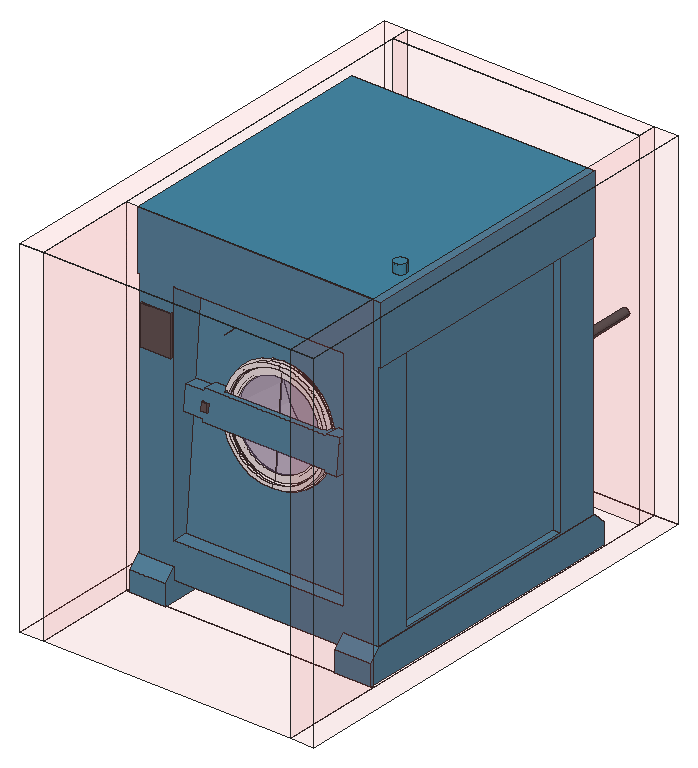
Revit family "Washer_Milnor_42026-X7", category Mechanical Equipment, Revit 2026
Family settings
  Round Connector Dimension = Use Diameter
  Part Type = Normal
  Classification Number = 23.45.70.11.14.11
  Work Plane-Based = Yes
  Always vertical = No
  Cut with Voids When Loaded = No
  Maintain Annotation Orientation = No
  Shared = No
  Room Calculation Point = No
Parameters
  doorgas = Door Opening + 0' 2 1/2"  # 2' - 4 1/2"
  Warranty Duration (Years) = 0
  Voltage_MEP = 0 V
  Vibration Frequency = 0
  Unit Width = 5' - 2 29/32"
  Unit Weight = 0
  Unit Height = 7' - 4 3/4"
  Unit Depth = 7' - 0 15/32"
  URL = "http://www.milnor.com/"
  Specification = ""
  SpecWizard = ""
  Send Message = "http://www.arcat.com/users.pl?action=UserEmail&company=Pellerin+Milnor+Corp.&coid=34740&rep=108&fax=504-468-3094&mf="
  Sales Information = "http://www.milnor.com/contact_us.aspx"
  Revision = "R1_04-2011"
  Product Properties = ""
  Product Data = "http://www.arcat.com/arcatcos/cos34/arc34740.html"
  Phase = 0
  Number of Poles = 1
  Model = "As Specified"
  Manufacturer Website = "http://www.milnor.com/"
  Manufacturer Phone - Toll Free = "800-469-8780"
  Manufacturer Phone = "504-467-9591"
  Manufacturer Fax = "504-468-3094"
  Manufacturer Address = "700 Jackson St.   Kenner, LA 70062"
  Manufacturer = "Pellerin Milnor Corp"
  Maintenance Schedule (Months) = 0
  MEP Amperage = 0 A
  Keynote = "11110"
  Interior Finish [instance] = Metal - Stainless Steel - Milnor - as Specified
  Installation-Fabrication = ""
  Installation Phase = ""
  Green Building-LEED = ""
  Frequency = 0 Hz
  Expected Lifespan (Years) = 0
  Dynamic Load = 0.00 kip
  Drawn By = "Sumex Design, Inc. / Robert S. Weygant, CSI, CDT, SCIP"
  Door Opening = 2' - 2"
  Door Opening Depth = 2' - 5 9/32"
  Door Glazing [instance] = Glazing - Milnor - as Specified
  Door Finish [instance] = Metal - Stainless Steel - Milnor - Powder Coat as Specified
  Clearance Visible [instance] = yes
  Cabinet Front Doodads [instance] = Paint - Milnor - Black
  Description = ""
  Default Elevation = 4' - 0"
  Cylinder Volume = 0.00 CF
  Cylinder Diameter = 3' - 6"
  Cylinder Depth = 2' - 2"
  Door Base from FF = 2' - 7 215/256"
  Copyright = "©Arcat Inc."
  Construction Details = ""
  Capacity = ""
  Cabinet Finish [instance] = Paint - Milnor - Blue
  Assembly Code = "E1010610"
Reference planes (in)
  plane 1 "Center (Front/Back)": y = 0
  plane 2 "Bottom": z = 0
  plane 3 "Center (Left/Right)": x = 0
  plane 4 "Front": y = -42.23438
  plane 5 "Back": y = 42.23437
  plane 6 "Left": x = -31.45312
  plane 7 "Right": x = 31.45313
  plane 8 "Top": z = 88.75
  plane 9: y = -68.76563
  plane 10 "Y": y = -39.48438
  plane 11: z = 45
  plane 12: y = 31.76562
  plane 13: x = -30.75
Forms (in)
  Extrusion 1, solid, material "Paint - Milnor - Blue" <- "Cabinet Finish"
    sketch origin (0, -5.07467, 0) x (0, 1, 0) y (0, 0, 1)
      loop
        line (-37.15971, 0) -> (36.84029, 0) -> (36.84029, 5.17157) -> (34.01187, 8) -> (-34.33128, 8) -> (-37.15971, 5.17157) -> (-37.15971, 0)
    from 21.5625 to 30.75
  Extrusion 2, solid, material "Paint - Milnor - Blue" <- "Cabinet Finish"
    sketch origin (0, -5.07467, 0) x (0, 1, 0) y (0, 0, -1)
      loop
        line (-37.15971, 0) -> (-37.15971, -5.17157) -> (-34.33128, -8) -> (34.01187, -8) -> (36.84029, -5.17157) -> (36.84029, 0) -> (-37.15971, 0)
    from 21.5625 to 30.75
  Extrusion 3, solid, material "Paint - Milnor - Blue" <- "Cabinet Finish"
    sketch origin (0, -5.07467, 0) x (1, 0, 0) y (0, 0, 1)
      loop
        line (-30.95313, 86.49195) -> (-30.95313, 71.62475) -> (-30.38728, 71.62475) -> (-30.38728, 4.75) -> (30.41865, 4.75) -> (30.41865, 71.62475) -> (30.95312, 71.62475) -> (30.95312, 86.49195) -> (-30.95313, 86.49195)
      loop
        line (-21.72873, 71.62475) -> (-21.72873, 13.75) -> (21.52127, 13.75) -> (21.52127, 71.62475) -> (-21.72873, 71.62475)
    from -33.80904 to 34.4375
  Extrusion 4, solid, material "Paint - Milnor - Blue" <- "Cabinet Finish"
    sketch origin (0, -5.07467, 0) x (0, 1, 0) y (0, 0, 1)
      loop
        line (-31.06823, 6.82843) -> (33.70566, 6.82843) -> (33.70566, 15.82843) -> (30.76268, 15.82843) -> (30.76268, 71.62475) -> (-25.39929, 71.62475) -> (-31.06823, 6.82843)
    from -21.72873 to 21.52127
  Extrusion 5, void
    sketch origin (30.41865, -5.07467, 54.60752) x (0, 0, 1) y (0, 1, 0)
      loop
        line (16.63443, -25.6875) -> (16.63443, 23.66792) -> (-46.375, 23.66792) -> (-46.375, -25.6875) -> (16.63443, -25.6875)
    from 2 to 0
  Extrusion 6, void
    sketch origin (-30.38728, -5.07467, 54.60752) x (0, 0, 1) y (0, -1, 0)
      loop
        line (16.63443, 25.6875) -> (-46.375, 25.6875) -> (-46.375, -23.66792) -> (16.63443, -23.66792) -> (16.63443, 25.6875)
    from 2 to 0
  Extrusion 7, solid, material "Metal - Stainless Steel - Milnor - Powder Coat as Specified" <- "Door Finish"
    sketch origin (0, -36.07369, 7.61948) x (0, 0.087156, 0.996195) y (-1, 0, 0)
      loop
        circle (37.42799, 0) r 14
    from 0 to 0.25
  Revolve 8, void
    sketch origin (0, -6.82467, 0.0625) x (0, 1, 0) y (0, 0, 1)
      loop
        line (-28.33485, 45.25517) -> (0.67924, 42.71677) -> (2.50951, 63.63686) -> (-23.39155, 65.90291) -> (-24.0888, 57.93335) -> (-27.20183, 58.2057) -> (-28.33485, 45.25517)
      axis (-28.33485, 45.25517) -> (0.67924, 42.71677)
    angle from 0 to 360
  Extrusion 9, solid, material "Paint - Milnor - Black" <- "Cabinet Front Doodads"
    sketch origin (0, -39.51217, 0) x (1, 0, 0) y (0, 0, 1)
      loop
        line (-29.75, 65.37475) -> (-29.75, 55.20166) -> (-22.25, 55.20166) -> (-22.25, 65.37475) -> (-29.75, 65.37475)
    from 0 to 0.33794
  Extrusion 10, solid, material "Paint - Milnor - Blue" <- "Cabinet Finish"
    sketch origin (0, -5.07467, 0) x (1, 0, 0) y (0, 1, 0)
      loop
        circle (26, -21.90971) r 1.5
    from 86.49195 to 88.75
  Revolve 11, solid, material "Metal - Stainless Steel - Milnor - Powder Coat as Specified" <- "Door Finish"
    sketch origin (0, -5.07467, 0.75) x (0, 1, 0) y (0, 0, 1)
      loop
        line (-26.81448, 56.40807) -> (-27.27243, 56.44813) -> (-27.42495, 54.70479) -> (-26.967, 54.66473) -> (-26.81448, 56.40807)
      axis (-28.34329, 44.20809) -> (-27.88535, 44.16803)
    angle from 0 to 360
  Revolve 12, solid, material "Glazing - Milnor - as Specified" <- "Door Glazing"
    sketch origin (0, -5.07467, 0) x (0, 1, 0) y (0, 0, 1)
      loop
        line (-27.88535, 44.91803) -> (-26.91959, 55.95664) -> (-27.20928, 55.98198) -> (-28.17503, 44.94337) -> (-27.88535, 44.91803)
      axis (-28.17503, 44.94337) -> (-27.88535, 44.91803)
    angle from 0 to 360
  Extrusion 13, solid, material "Paint - Milnor - Black"
    sketch origin (0, -5.07467, 0) x (1, 0, 0) y (0, 0, 1)
      loop
        circle (27.875, 47.25) r 0.375
      loop
        circle (27.875, 40.25) r 0.625
      loop
        circle (27.875, 33.25) r 0.625
      loop
        circle (27.875, 26.25) r 0.625
      loop
        circle (27.875, 19.25) r 0.375
    from -35.7804 to -24.95881
  Extrusion 14, solid, material "Paint - Milnor - Black"
    sketch origin (0, -5.07467, 0) x (1, 0, 0) y (0, 0, 1)
      loop
        circle (-7.4375, 10.0625) r 1.5
    from -29.99351 to -23.49152
  Extrusion 15, solid, material "Paint - Milnor - Black"
    sketch origin (0, -5.07467, 0) x (1, 0, 0) y (0, 0, 1)
      loop
        circle (27.875, 47.25) r 1
    from -47.30904 to -35.7804
  Extrusion 16, solid, material "Paint - Milnor - Black"
    sketch origin (0, -5.07467, 0) x (1, 0, 0) y (0, 0, 1)
      loop
        circle (-25.40625, 60.71875) r 0.25
    from -33.70566 to -32.80904
  Revolve 17, solid, material "Metal - Stainless Steel - Milnor - Powder Coat as Specified" <- "Door Finish"
    sketch origin (0, -3.01563, 0) x (0, 1, 0) y (0, 0, 1)
      loop
        line (-29.60147, 57.47271) -> (-29.44076, 57.2077) -> (-28.72514, 57.14509) -> (-28.61619, 58.39033) -> (-30.11048, 58.52106) -> (-30.19764, 57.52487) -> (-29.60147, 57.47271)
      axis (-31.29029, 45.03578) -> (-29.796, 44.90505)
    angle from 0 to 360
  Extrusion 18, solid, material "Paint - Milnor - Blue" <- "Cabinet Finish"
    sketch origin (0, -35.44181, 14.84189) x (0, 0.087156, 0.996195) y (-1, 0, 0)
      loop
        line (33.9585, 16.43187) -> (33.2085, 16.43187) -> (33.2085, 21.25) -> (27.2085, 21.25) -> (27.2085, 16.43187) -> (26.4585, 16.43187) -> (26.4585, -14.65528) -> (25.9585, -14.65528) -> (25.9585, -17.83493) -> (34.4585, -17.83493) -> (34.4585, -14.65528) -> (33.9585, -14.65528) -> (33.9585, 16.43187)
    from 0 to 3.72832
  Extrusion 19, solid, material "Paint - Milnor - Black" <- "Cabinet Front Doodads"
    sketch origin (0, -39.15594, 15.16684) x (0, 0.087156, 0.996195) y (-1, 0, 0)
      loop
        line (30.91177, 16.76902) -> (28.91177, 16.76902) -> (28.91177, 15.26902) -> (30.91177, 15.26902) -> (30.91177, 16.76902)
    from 0 to 0.4192
  Extrusion 20, solid, material "Paint - Milnor - Black" <- "Cabinet Front Doodads"
    sketch origin (-5.38728, 4.48437, 4.5) x (0, 1, 0) y (0, 0, 1)
      loop
        line (0.21875, 54.375) -> (0.21875, 50.375) -> (6.21875, 50.375) -> (6.21875, 54.375) -> (0.21875, 54.375)
    from -23.52486 to -24.33761
  Extrusion 21, solid, material "Paint - Milnor - Black" <- "Cabinet Front Doodads"
    sketch origin (-5.38728, 4.48437, 4.5) x (0, 1, 0) y (0, 0, 1)
      loop
        line (-0.51951, 55.39827) -> (-0.51951, 46.64827) -> (6.98049, 46.64827) -> (6.98049, 55.39827) -> (-0.51951, 55.39827)
    from -23 to -23.52486
  Extrusion 22, solid, material "ARCAT Clearance", visible <- "Clearance Visible"
    sketch origin (-18.45313, -32.57812, 0) x (1, 0, 0) y (0, 1, 0)
      loop
        line (-13, -9.65625) -> (-13, -36.1875) -> (49.90625, -36.1875) -> (49.90625, -9.65625) -> (-13, -9.65625)
    from 0 to 88.75
  Extrusion 23, solid, material "ARCAT Clearance", visible <- "Clearance Visible"
    sketch origin (-18.90625, 78.65625, 0) x (1, 0, 0) y (0, 1, 0)
      loop
        line (-12.54687, -31.42188) -> (-12.54687, -36.42188) -> (50.35938, -36.42188) -> (50.35938, -31.42188) -> (-12.54687, -31.42188)
    from 0 to 88.75
  Extrusion 24, solid, material "ARCAT Clearance", visible <- "Clearance Visible"
    sketch origin (24.45312, -32.34375, 0) x (1, 0, 0) y (0, 1, 0)
      loop
        line (7, 79.57812) -> (7, -36.42188) -> (13, -36.42188) -> (13, 79.57812) -> (7, 79.57812)
    from 0 to 88.75
  Extrusion 25, solid, material "ARCAT Clearance", visible <- "Clearance Visible"
    sketch origin (-44.45313, -32.34375, 0) x (1, 0, 0) y (0, 1, 0)
      loop
        line (7, 79.57812) -> (7, -36.42188) -> (13, -36.42188) -> (13, 79.57812) -> (7, 79.57812)
    from 0 to 88.75
Cuts and joins
  Extrusion 5, Extrusion 6 cuts Extrusion 3
  Revolve 8 cuts Extrusion 4
  joined: Extrusion 1, Extrusion 2, Extrusion 3, Extrusion 4
  Revolve 8 cuts Extrusion 18
  Revolve 8 cuts Extrusion 7
Lines and regions (in)
  symbolic lines, style "MechanicalEquipmentHiddenLines"
    curve 1: line (14.20313, -68.76563, 0) -> (14.20313, -34.62821, 0)
    curve 2: line (-20.45312, 28.11587, 0) -> (-20.45312, 47.23437, 0)
    curve 3: line (20.79063, 28.11587, 0) -> (20.79063, 47.23437, 0)
    curve 4: line (-20.45312, 47.23437, 0) -> (20.79063, 47.23437, 0)
    curve 5: arc (14.20313, -68.76563, 0) -> (-9.44265, -58.97122, 0) -> (-19.23705, -35.32545, 0) r 33.44017
    curve 6: spline (0, -48.99448, 31.5505) -> (0, -52.49806, 32.01) -> (0, -55.76288, 33.35718) -> (0, -58.56644, 35.50025) -> (0, -60.71769, 38.29314) -> (0, -62.07002, 41.54553) -> (0, -62.53127, 45.03578) -> (0, -62.07002, 48.52603) -> (0, -60.71769, 51.77842) -> (0, -58.56644, 54.57132) -> (0, -55.76288, 56.71438) -> (0, -52.49806, 58.06156) -> (0, -48.99448, 58.52106)
    curve 7: spline (0, -48.99448, 58.52106) -> (0, -45.4909, 58.06156) -> (0, -42.22608, 56.71438) -> (0, -39.42252, 54.57132) -> (0, -37.27127, 51.77842) -> (0, -35.91894, 48.52603) -> (0, -35.45769, 45.03578) -> (0, -35.91894, 41.54553) -> (0, -37.27127, 38.29314) -> (0, -39.42252, 35.50025) -> (0, -42.22608, 33.35718) -> (0, -45.4909, 32.01) -> (0, -48.99448, 31.5505)
    curve 8: line (0, -34.0501, 49.34271) -> (0, -67.96728, 51.71443)
    curve 9: line (0, -34.59395, 40.81529) -> (0, -68.56332, 43.19066)
    curve 10: line (0, -67.96728, 51.71443) -> (0, -68.56332, 43.19066)
    curve 11: line (0, 28.63099, 76.75) -> (0, 45.65033, 82.61023)
    curve 12: arc (0, 45.65033, 82.61023) -> (0, 43.80993, 65.78729) -> (0, 28.63099, 58.3041) r 17.5884
Dimensions and locks (in)
  "Unit Width": plane 6 "Left" to plane 7 "Right"
  "Unit Depth": plane 5 "Back" to plane 4 "Front"
  "Unit Height": plane 8 "Top" to level
  "Door Opening Depth": plane 10 "Y" to plane 9
  locked: plane 4 "Front" to plane 10 "Y" at 2.75
  Revolve 8 sketch curve to Revolve 8 sketch curve = 1' - 9"
  Extrusion 10 sketch curve to plane 10 "Y" = 1' - 0 1/2"
  plane 3 "Center (Left/Right)" to Extrusion 14 sketch curve = 0' - 7 7/16"
  Extrusion 14 sketch curve to level = 0' - 10 1/16"
  Extrusion 16 sketch curve to level = 5' - 0 23/32"
  plane 3 "Center (Left/Right)" to Extrusion 16 sketch curve = 2' - 1 13/32"
  Extrusion 13 sketch curve to level = 2' - 9 1/4"
  Extrusion 13 sketch curve to level = 3' - 4 1/4"
  Extrusion 13 sketch curve to level = 3' - 11 1/4"
  Extrusion 15 sketch curve to plane 3 "Center (Left/Right)" = 2' - 3 7/8"
Automatic sketch dimensions
  curve 1 to plane 9 = 0' - 0"
  plane 5 "Back" to curve 4 = 0' - 5"
  curve 4 to plane 13 = 0' - 10 19/64"
  plane 10 "Y" to curve 5 = 0' - 4.15892"
  curve 5 to plane 13 = 0' - 11.51295"
  plane 12 to curve 3 = 0' - 3.64976"
  curve 3 to plane 7 "Right" = 0' - 10.6625"
  curve 5 to curve 1 = 0' - 0.69725"
  plane 12 to curve 2 = 0' - 3.64976"
  plane 9 to curve 10 = 0' - 0.20231"
  plane 9 to curve 10 = 0' - 0.79835"
  curve 6 to plane 4 "Front" = 0' - 6.76011"
  plane 11 to curve 6 = 0' - 0.03578"
  plane 10 "Y" to curve 6 = 0' - 4.02669"
  curve 7 to curve 6 = 0' - 0"
  curve 6 to curve 9 = 0' - 0.86374"
  curve 6 to curve 8 = 0' - 1.40759"
  plane 12 to curve 11 = 0' - 3.13463"
  plane 12 to curve 12 = 0' - 3.13463"
  curve 11 to curve 12 = 0' - 0.77136"
  plane 5 "Back" to curve 12 = 0' - 3.41595"
  curve 9 to plane 11 = 0' - 1.80934"
  curve 9 to curve 6 = 0' - 4.22049"
  curve 6 to plane 11 = 1' - 1.4495"
  plane 11 to curve 12 = 1' - 1.3041"
  curve 12 to plane 8 "Top" = 1' - 0.87442"
  curve 12 to curve 11 = 0' - 0.87442"
  Extrusion 1 sketch curve to plane 4 "Front" = 0' - 0"
  Extrusion 1 sketch curve to plane 12 = 0' - 0"
  Extrusion 1 sketch curve to level = 0' - 0"
  plane 10 "Y" to Extrusion 1 sketch curve = 0' - 0.07843"
  plane 12 to Extrusion 1 sketch curve = 0' - 2.82843"
  level to Extrusion 1 sketch curve = 0' - 5.17157"  (x2)
  Extrusion 1 sketch curve to Extrusion 1 sketch curve = 0' - 2.82843"
  Extrusion 2 sketch curve to plane 4 "Front" = 0' - 0"
  Extrusion 2 sketch curve to plane 12 = 0' - 0"
  Extrusion 2 sketch curve to level = 0' - 0"
  plane 10 "Y" to Extrusion 2 sketch curve = 0' - 0.07843"
  plane 12 to Extrusion 2 sketch curve = 0' - 2.82843"
  Extrusion 2 sketch curve to Extrusion 2 sketch curve = 0' - 5.17157"
  level to Extrusion 2 sketch curve = 0' - 5.17157"
  Extrusion 2 sketch curve to Extrusion 2 sketch curve = 0' - 2.82843"
  plane 13 to Extrusion 3 sketch curve = 0' - 0 13/64"
  Extrusion 3 sketch curve to plane 13 = 0' - 0.36272"
  Extrusion 3 sketch curve to Extrusion 3 sketch curve = 0' - 8.65855"
  Extrusion 3 sketch curve to plane 7 "Right" = 0' - 9.93185"
  Extrusion 3 sketch curve to plane 7 "Right" = 0' - 1.03447"
  Extrusion 3 sketch curve to plane 7 "Right" = 0' - 0 1/2"
  level to Extrusion 3 sketch curve = 0' - 4 3/4"
  Extrusion 3 sketch curve to Extrusion 3 sketch curve = 0' - 9"
  Extrusion 3 sketch curve to plane 8 "Top" = 1' - 5.12525"  (x2)
  Extrusion 3 sketch curve to Extrusion 3 sketch curve = 0' - 0"
  Extrusion 3 sketch curve to plane 8 "Top" = 0' - 2.25805"
  plane 10 "Y" to Extrusion 4 sketch curve = 0' - 3.34148"
  plane 10 "Y" to Extrusion 4 sketch curve = 0' - 9.01042"
  plane 12 to Extrusion 4 sketch curve = 0' - 6.07762"
  plane 12 to Extrusion 4 sketch curve = 0' - 3.13463"
  level to Extrusion 4 sketch curve = 0' - 6.82843"
  Extrusion 4 sketch curve to Extrusion 4 sketch curve = 0' - 9"
  Extrusion 4 sketch curve to plane 8 "Top" = 1' - 5.12525"
  Extrusion 5 sketch curve to Extrusion 3 = 0' - 3.48252"
  Extrusion 3 to Extrusion 5 sketch curve = 0' - 0 49/128"
  Extrusion 5 sketch curve to Extrusion 3 = 0' - 8 3/4"
  Extrusion 5 sketch curve to Extrusion 3 = 0' - 10.14113"
  Extrusion 3 to Extrusion 6 sketch curve = 0' - 3.48252"
  Extrusion 6 sketch curve to Extrusion 3 = 0' - 0 49/128"
  Extrusion 6 sketch curve to Extrusion 3 = 0' - 10.14113"
  Extrusion 6 sketch curve to Extrusion 3 = 0' - 8 3/4"
  Extrusion 7 sketch curve to Extrusion 4 = 2' - 2.82177"
  Extrusion 4 to Extrusion 7 sketch curve = 1' - 9.52127"
  plane 11 to Revolve 8 sketch curve = 0' - 0.31767"
  plane 10 "Y" to Revolve 8 sketch curve = 0' - 4.32485"
  plane 10 "Y" to Revolve 8 sketch curve = 0' - 5.45788"
  plane 11 to Revolve 8 sketch curve = 0' - 0.11068"
  Revolve 8 sketch curve to Revolve 8 sketch curve = 0' - 2.36589"
  Revolve 8 sketch curve to Revolve 8 sketch curve = 0' - 3.11303"
  level to Revolve 8 sketch curve = 5' - 5.96541"
  Revolve 8 sketch curve to plane 11 = 0' - 1.8939"
  plane 1 "Center (Front/Back)" to Revolve 8 sketch curve = 0' - 9.88116"
  Revolve 8 sketch curve to plane 11 = 0' - 2.22073"
  Extrusion 9 sketch curve to Extrusion 3 = 0' - 0.63728"
  Extrusion 9 sketch curve to Extrusion 3 = 0' - 0.52127"
  Extrusion 3 to Extrusion 9 sketch curve = 1' - 4.42309"
  Extrusion 3 to Extrusion 9 sketch curve = 0' - 6 1/4"
  Extrusion 10 sketch curve to plane 7 "Right" = 0' - 5 29/64"
  plane 10 "Y" to Revolve 11 sketch curve = 0' - 6.98476"
  Revolve 11 sketch curve to Revolve 11 sketch curve = 0' - 0.15252"
  Revolve 11 sketch curve to Revolve 11 sketch curve = 0' - 0.45795"
  Revolve 11 sketch curve to plane 11 = 0' - 0.20032"
  plane 10 "Y" to Revolve 11 sketch curve = 0' - 7.87708"
  Revolve 11 sketch curve to plane 11 = 0' - 1.05009"
  Revolve 11 sketch curve to Revolve 11 sketch curve = 0' - 9.7129"
  plane 11 to Revolve 11 sketch curve = 0' - 10.41473"
  Revolve 11 sketch curve to Revolve 11 sketch curve = 0' - 0.04007"
  Revolve 12 sketch curve to plane 11 = 0' - 0.05663"
  plane 10 "Y" to Revolve 12 sketch curve = 0' - 6.23468"
  Revolve 12 sketch curve to plane 11 = 0' - 0.08197"
  Revolve 12 sketch curve to Revolve 12 sketch curve = 0' - 0.28968"
  Revolve 12 sketch curve to plane 11 = 0' - 0.11724"
  Revolve 12 sketch curve to Revolve 12 sketch curve = 0' - 0.40312"
  plane 10 "Y" to Revolve 12 sketch curve = 0' - 7.20043"
  Revolve 12 sketch curve to plane 11 = 0' - 0.74912"
  Revolve 12 sketch curve to Revolve 12 sketch curve = 0' - 7.22241"
  Extrusion 13 sketch curve to plane 7 "Right" = 0' - 3 37/64"  (x5)
  Extrusion 13 sketch curve to Extrusion 13 sketch curve = 0' - 7"  (x2)
  plane 11 to Extrusion 15 sketch curve = 0' - 2 1/4"
  plane 11 to Revolve 17 sketch curve = 0' - 0.03578"
  plane 10 "Y" to Revolve 17 sketch curve = 0' - 5.17846"
  plane 10 "Y" to Revolve 17 sketch curve = 0' - 6.27111"
  Revolve 17 sketch curve to Revolve 17 sketch curve = 0' - 0.08716"
  Revolve 17 sketch curve to Revolve 17 sketch curve = 0' - 0.59617"
  Revolve 17 sketch curve to Revolve 17 sketch curve = 0' - 0.16071"
  Revolve 17 sketch curve to Revolve 17 sketch curve = 0' - 0.71562"
  Revolve 17 sketch curve to Revolve 17 sketch curve = 0' - 0.10894"
  Revolve 17 sketch curve to plane 11 = 0' - 1.07545"
  Revolve 17 sketch curve to Revolve 17 sketch curve = 1' - 0.70148"
  plane 11 to Revolve 17 sketch curve = 1' - 0.14509"
  Revolve 17 sketch curve to Revolve 17 sketch curve = 0' - 0.06261"
  Extrusion 4 to Extrusion 18 sketch curve = 0' - 3.68635"
  Extrusion 18 sketch curve to Extrusion 4 = 2' - 7.04126"
  Extrusion 18 sketch curve to Extrusion 18 sketch curve = 0' - 0 1/2"  (x2)
  Extrusion 18 sketch curve to Extrusion 18 sketch curve = 0' - 0 3/4"  (x2)
  Extrusion 4 to Extrusion 18 sketch curve = 0' - 0.47873"
  Extrusion 18 sketch curve to Extrusion 18 sketch curve = 0' - 6"
  Extrusion 18 sketch curve to Extrusion 18 sketch curve = 0' - 3.17964"  (x2)
  Extrusion 18 sketch curve to Extrusion 18 sketch curve = 0' - 4.81813"  (x2)
  Extrusion 18 to Extrusion 19 sketch curve = 0' - 0.33715"
  Extrusion 19 sketch curve to Extrusion 18 = 0' - 1.70327"
  Extrusion 19 sketch curve to Extrusion 19 sketch curve = 0' - 2"
  Extrusion 19 sketch curve to Extrusion 18 = 0' - 1.16285"
  Extrusion 20 sketch curve to plane 1 "Center (Front/Back)" = 0' - 4 45/64"
  Extrusion 20 sketch curve to Extrusion 20 sketch curve = 0' - 6"
  plane 11 to Extrusion 20 sketch curve = 0' - 9 7/8"
  Extrusion 20 sketch curve to Extrusion 20 sketch curve = 0' - 4"
  Extrusion 21 sketch curve to plane 1 "Center (Front/Back)" = 0' - 3 247/256"
  Extrusion 21 sketch curve to Extrusion 21 sketch curve = 0' - 7 1/2"
  plane 11 to Extrusion 21 sketch curve = 0' - 6.14827"
  Extrusion 21 sketch curve to Extrusion 21 sketch curve = 0' - 8 3/4"
  Extrusion 22 sketch curve to plane 6 "Left" = 0' - 0"
  Extrusion 22 sketch curve to plane 7 "Right" = 0' - 0"
  Extrusion 22 sketch curve to plane 9 = 0' - 0"
  Extrusion 22 sketch curve to plane 4 "Front" = 0' - 0"
  Extrusion 23 sketch curve to plane 5 "Back" = 0' - 0"
  Extrusion 23 sketch curve to plane 6 "Left" = 0' - 0"
  Extrusion 23 sketch curve to plane 7 "Right" = 0' - 0"
  plane 5 "Back" to Extrusion 23 sketch curve = 0' - 5"
  Extrusion 24 sketch curve to plane 7 "Right" = 0' - 0"
  plane 9 to Extrusion 24 sketch curve = 0' - 0"
  Extrusion 24 sketch curve to Extrusion 24 sketch curve = 0' - 6"
  plane 5 "Back" to Extrusion 24 sketch curve = 0' - 5"
  Extrusion 25 sketch curve to plane 9 = 0' - 0"
  Extrusion 25 sketch curve to plane 6 "Left" = 0' - 0"
  Extrusion 25 sketch curve to Extrusion 25 sketch curve = 0' - 6"
  plane 5 "Back" to Extrusion 25 sketch curve = 0' - 5"
  radius of Extrusion 7 sketch curve = 1' - 2"
  radius of Extrusion 10 sketch curve = 0' - 1 1/2"
  radius of Extrusion 13 sketch curve = 0' - 0 3/8"  (x2)
  radius of Extrusion 13 sketch curve = 0' - 0 5/8"  (x3)
  radius of Extrusion 14 sketch curve = 0' - 1 1/2"
  radius of Extrusion 15 sketch curve = 0' - 1"
  radius of Extrusion 16 sketch curve = 0' - 0 1/4"
Connectors (in)
  piping at (-7.4375, 24.91884, 10.0625), diameter 3
    settings: on Extrusion 14, index 10, connector inside diameter 3", connector length 0' - 0", flow factor 0, pipe flow 0 GPM, pressure drop 0.00 psi, fitting loss kfactor 0, connector angle 0.00°, fixture units 0, engagement length 0' - 0", angle of deflection 0.00°, flow configuration 0, flow direction 2, fitting loss method 0, system type 16, joint type 0, gender type 0, connector reference index -1, connector utility 0, adjustable connector no, is connector primary yes, connector description ""
  piping at (27.875, 42.23437, 47.25), diameter 0.75
    settings: on Extrusion 15, index 11, connector inside diameter 3/4", connector length 0' - 0", flow factor 0, pipe flow 0 GPM, pressure drop 0.00 psi, fitting loss kfactor 0, connector angle 0.00°, fixture units 0, engagement length 0' - 0", angle of deflection 0.00°, flow configuration 0, flow direction 1, fitting loss method 0, system type 19, joint type 0, gender type 0, connector reference index -1, connector utility 0, adjustable connector no, is connector primary no, connector description ""
  piping at (27.875, 30.70573, 40.25), diameter 0.75
    settings: on Extrusion 13, index 12, connector inside diameter 3/4", connector length 0' - 0", flow factor 0, pipe flow 0 GPM, pressure drop 0.00 psi, fitting loss kfactor 0, connector angle 0.00°, fixture units 0, engagement length 0' - 0", angle of deflection 0.00°, flow configuration 0, flow direction 1, fitting loss method 0, system type 19, joint type 0, gender type 0, connector reference index -1, connector utility 0, adjustable connector no, is connector primary no, connector description ""
  piping at (27.875, 30.70573, 33.25), diameter 0.75
    settings: on Extrusion 13, index 13, connector inside diameter 3/4", connector length 0' - 0", flow factor 0, pipe flow 0 GPM, pressure drop 0.00 psi, fitting loss kfactor 0, connector angle 0.00°, fixture units 0, engagement length 0' - 0", angle of deflection 0.00°, flow configuration 0, flow direction 1, fitting loss method 0, system type 20, joint type 0, gender type 0, connector reference index -1, connector utility 0, adjustable connector no, is connector primary no, connector description ""
  electrical at (-25.40625, 28.63099, 60.71875)
    settings: on Extrusion 16, index 14, voltage 0 V, apparent load 0 VA, apparent load phase1 0 VA, apparent load phase2 0 VA, apparent load phase3 0 VA, power factor 1, load classification "Other", number of poles 1, system type 31, power factor state 1, is connector primary yes, connector utility no, sub classification motor no, connector description ""
